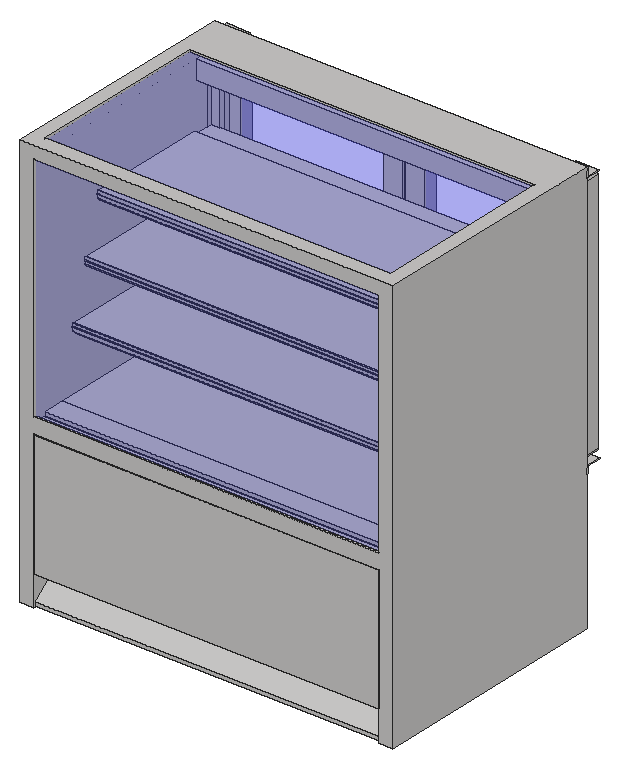
Revit family "Food-Service-Equipment_Oscartek_BT1200", category Specialty Equipment, Revit 2026 (continued)
Automatic sketch dimensions
  curve 37 to curve 37 = 0.00545"
  curve 35 to curve 35 = 0.0231"
  curve 70 to curve 65 = 0.2084"
  curve 38 to curve 39 = 0.16746"
  curve 38 to curve 39 = 0.00396"
  curve 40 to plane 9 = 0.22591"
  curve 39 to curve 40 = 0.02332"
  curve 39 to curve 42 = 0.02897"
  curve 41 to curve 41 = 0.01294"
  curve 71 to curve 66 = 0.10265"
  curve 66 to curve 69 = 0.00227"
  curve 68 to curve 68 = 0.03842"
  plane 3 "LEFT" to curve 6 = 1.7687"
  curve 41 to curve 45 = 0.24118"
  curve 33 to plane 9 = 0.4427"
  curve 45 to curve 33 = 0.13867"
  curve 46 to curve 46 = 0.00042"
  curve 45 to curve 46 = 0"
  curve 45 to curve 46 = 0.00821"
  curve 45 to curve 45 = 0.21133"
  curve 33 to curve 33 = 0.11239"
  plane 1 "BACK" to curve 61 = 0.34342"
  curve 66 to curve 61 = 2.01124"
  curve 87 to plane 5 "FRONT" = 4.66496"
  curve 87 to plane 7 "Center Y" = 10.26268"
  curve 88 to plane 8 "Center X" = 3.76581"
  curve 87 to curve 88 = 1.06066"
  curve 84 to plane 7 "Center Y" = 3.27816"
  curve 19 to plane 7 "Center Y" = 2.26541"
  curve 89 to plane 7 "Center Y" = 2.13095"
  curve 88 to plane 7 "Center Y" = 1.42385"
  curve 18 to plane 7 "Center Y" = 0.45287"
  curve 17 to plane 7 "Center Y" = 0.21769"
  curve 17 to curve 10 = 0.02095"
  curve 17 to curve 17 = 0.0305"
  curve 25 to curve 24 = 0.0401"
  curve 26 to curve 26 = 0.0401"
  curve 31 to curve 31 = 0.0401"
  curve 30 to curve 28 = 0.0401"
  curve 23 to plane 7 "Center Y" = 0.04001"
  curve 28 to plane 7 "Center Y" = 0.04001"
  plane 7 "Center Y" to curve 20 = 0.18719"
  plane 7 "Center Y" to curve 13 = 0.19674"
  curve 14 to curve 20 = 0.02095"
  plane 7 "Center Y" to curve 21 = 0.45287"
  curve 21 to curve 22 = 1.81254"
  plane 7 "Center Y" to curve 86 = 3.27816"
  plane 7 "Center Y" to curve 89 = 5.64722"
  plane 7 "Center Y" to curve 87 = 7.59176"
  curve 79 to plane 9 = 0.96139"
  plane 4 "RIGHT" to curve 79 = 3.62324"
  curve 47 to plane 9 = 0.51301"
  curve 79 to curve 47 = 1.57052"
  curve 47 to curve 59 = 0.03973"
  curve 47 to curve 60 = 0.10376"
  curve 60 to curve 59 = 0.00821"
  curve 60 to curve 59 = 0"
  curve 47 to plane 9 = 0.4427"
  curve 60 to curve 47 = 0.00863"
  curve 59 to plane 9 = 0.17692"
  plane 4 "RIGHT" to curve 5 = 1.72934"
  curve 47 to curve 74 = 0.44072"
  curve 74 to curve 73 = 0.03842"
  curve 74 to curve 76 = 0.04069"
  curve 54 to plane 9 = 0.19937"
  curve 59 to curve 54 = 0.24118"
  curve 54 to curve 55 = 0.01294"
  curve 55 to curve 53 = 0.01858"
  curve 53 to curve 53 = 0.02332"
  curve 53 to curve 53 = 0.00396"
  curve 75 to curve 77 = 0.10265"
  curve 72 to curve 78 = 0.10492"
  curve 50 to plane 9 = 0.43064"
  curve 52 to curve 50 = 0.15898"
  curve 53 to curve 51 = 0.16746"
  curve 50 to curve 49 = 0.01225"
  curve 51 to curve 51 = 0.00545"
  curve 52 to curve 57 = 0.00551"
  curve 48 to curve 49 = 0.01085"
  curve 50 to plane 9 = 0.26461"
  curve 51 to curve 50 = 0.03743"
  curve 57 to curve 58 = 0.03903"
  curve 78 to curve 77 = 0.2084"
  curve 48 to curve 48 = 0.10678"
  curve 77 to curve 78 = 0.21661"
  curve 77 to curve 80 = 0.33476"
  curve 80 to curve 16 = 0.21814"
  curve 85 to curve 13 = 0"
  curve 8 to plane 5 "FRONT" = 1.77223"
  curve 89 to plane 5 "FRONT" = 5.72562"
  curve 89 to plane 8 "Center X" = 3.05871"
  plane 8 "Center X" to curve 88 = 4.01236"
  curve 87 to plane 10 = 5.52459"
  curve 5 to plane 10 = 3.35089"
  curve 57 to curve 50 = 0.12912"
  curve 41 to curve 41 = 0.01579"
  curve 39 to curve 40 = 0.01633"
  curve 55 to curve 53 = 0.01927"
  curve 42 to curve 38 = 0.03972"
  curve 57 to curve 52 = 0.03972"
  curve 53 to curve 53 = 0.01633"
  curve 37 to curve 37 = 0.0388"
  curve 35 to curve 35 = 0.02875"
  curve 50 to curve 49 = 0.00715"
  curve 21 to curve 14 = 0.05283"
  curve 18 to curve 10 = 0.05283"
  curve 10 to curve 28 = 0.2666"
  curve 32 to curve 32 = 0.03218"
  curve 64 to curve 61 = 0.94519"
  curve 31 to curve 28 = 0.1515"
  curve 30 to curve 29 = 0.03218"
  curve 28 to curve 27 = 0.13263"
  curve 27 to curve 26 = 0.03218"
  curve 79 to curve 78 = 0.41352"
  plane 1 "BACK" to curve 69 = 0.87509"
  curve 26 to curve 23 = 0.1515"
  curve 25 to curve 24 = 0.03218"
  plane 1 "BACK" to curve 80 = 0.34342"
  radius of Extrusion 7 sketch curve = 0.86566"  (x4)
  radius of Extrusion 13 sketch curve = 0.21661"  (x2)
  radius of Extrusion 14 sketch curve = 0.21661"  (x2)
  radius of Extrusion 22 sketch curve = 1"
  radius of Extrusion 23 sketch curve to Extrusion 22 = 0.34504"
Connectors (in)
  electrical at (4.96715, -2.25, 14.74804), driven by "Volts", driven by "Watts"
    settings: on Extrusion 20, index 1, voltage 0 V, apparent load 0 VA, apparent load phase1 0 VA, apparent load phase2 0 VA, apparent load phase3 0 VA, power factor 1, load classification "Other", number of poles 1, system type 30, power factor state 1, is connector primary yes, connector utility no, sub classification motor no, connector description "ELECTRICAL CONNECTION"
